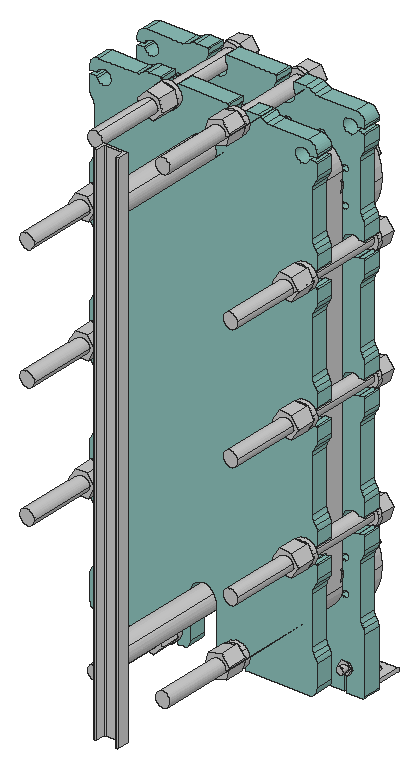
Revit family "MIT 522 - Heat Exchanger", category Specialty Equipment, Revit 2022 (continued)
Forms (mm)
  Extrusion 29, solid, material "AISI 316L/Titanium/Hastelloy", detail levels coarse
    sketch origin (0, -35, 0) x (-1, 0, 0) y (0, 0, 1)
      loop
        line (25.15, 158.35) -> (25.15, 148.5) -> (24.15, 146.5) -> (24.15, 142.5) -> (26.15, 140.5) -> (187.5, 140.5) -> (187.5, 1007.5) -> (26.15, 1007.5) -> (24.15, 1005.5) -> (24.15, 1001.5) -> (25.15, 999.5) -> (25.15, 989.65)
        arc (25.15, 989.65) -> (20.029, 974.439) -> (6.75, 965.423) r 25.15
        line (6.75, 965.423) -> (6.75, 957.5) -> (-6.75, 957.5) -> (-6.75, 965.423)
        arc (-6.75, 965.423) -> (-20.029, 974.439) -> (-25.15, 989.65) r 25.15
        line (-25.15, 989.65) -> (-25.15, 999.5) -> (-24.15, 1001.5) -> (-24.15, 1005.5) -> (-26.15, 1007.5)
    from 0 to -88
  Extrusion 30, solid, material "Galvanized Steel- S235JR", detail levels coarse
    sketch origin (0, 0, 0) x (1, 0, 0) y (0, 0, 1)
      loop
        circle (-111.75, 933) r 110
      loop
        circle (-111.75, 215) r 110
      loop
        circle (111.75, 215) r 110
      loop
        circle (111.75, 933) r 110
    from 0 to -25.5
  Revolve 31, solid, material "EPDM", detail levels fine
    sketch origin (0, 0, 933) x (1, 0, 0) y (0, 1, 0)
      loop
        line (188.75, 0) -> (188.75, 3) -> (158.75, 3) -> (158.75, -38) -> (188.75, -38) -> (188.75, -35) -> (161.75, -35) -> (161.75, 0) -> (188.75, 0)
      axis (111.75, -38) -> (111.75, 3)
    angle from 0 to 360
  Revolve 32, solid, material "EPDM", detail levels fine
    sketch origin (0, 0, 933) x (-1, 0, 0) y (0, -1, 0)
      loop
        line (188.75, 0) -> (161.75, 0) -> (161.75, 35) -> (188.75, 35) -> (188.75, 38) -> (158.75, 38) -> (158.75, -3) -> (188.75, -3) -> (188.75, 0)
      axis (111.75, 38) -> (111.75, -3)
    angle from 0 to 360
  Revolve 33, solid, material "EPDM", detail levels fine
    sketch origin (0, 0, 215) x (1, 0, 0) y (0, 1, 0)
      loop
        line (188.75, 0) -> (188.75, 3) -> (158.75, 3) -> (158.75, -38) -> (188.75, -38) -> (188.75, -35) -> (161.75, -35) -> (161.75, 0) -> (188.75, 0)
      axis (111.75, -38) -> (111.75, 3)
    angle from 0 to 360
  Revolve 34, solid, material "EPDM", detail levels fine
    sketch origin (0, 0, 215) x (-1, 0, 0) y (0, -1, 0)
      loop
        line (188.75, 0) -> (161.75, 0) -> (161.75, 35) -> (188.75, 35) -> (188.75, 38) -> (158.75, 38) -> (158.75, -3) -> (188.75, -3) -> (188.75, 0)
      axis (111.75, 38) -> (111.75, -3)
    angle from 0 to 360
Cuts and joins
  Extrusion 15 cuts Extrusion 14
Dimensions and locks
  "Lk": plane 7 "1" to plane 6 "2"
  "Head & Follower Plate": plane 1 "Center (Front/Back)" to plane 7 "1"
  "Lc": plane 7 "1" to plane 8 "3"
  "Lc": plane 10 to plane 1 "Center (Front/Back)"
  locked: Revolve 31 sketch curve to plane 7 "1" at 3
  locked: Revolve 31 sketch curve to plane 1 "Center (Front/Back)" at 3
  locked: Revolve 31 sketch curve to Revolve 31 sketch curve at 3
  locked: Revolve 32 sketch curve to Revolve 32 sketch curve at 3
  locked: Revolve 33 sketch curve to Revolve 33 sketch curve at 3
  locked: Revolve 34 sketch curve to Revolve 34 sketch curve at 3
  aligned and locked: level to plane 2
  aligned and locked: Extrusion 1 to plane 7 "1"
  aligned and locked: Extrusion 1 to plane 1 "Center (Front/Back)"
  aligned and locked: Extrusion 3 to plane 6 "2"
  aligned and locked: plane 7 "1" to Extrusion 3
  aligned and locked: Extrusion 5 to plane 10
  aligned and locked: Extrusion 5 to plane 1 "Center (Front/Back)"
  aligned and locked: Extrusion 4 to plane 8 "3"
  aligned and locked: Extrusion 4 to Extrusion 1
  aligned and locked: Extrusion 13 sketch curve to plane 8 "3"
  aligned and locked: Extrusion 20 sketch curve to Extrusion 13  (x4)
  aligned and locked: Extrusion 29 to Extrusion 28
  aligned and locked: Extrusion 25 to Extrusion 28
  aligned and locked: Extrusion 27 to Extrusion 1
  aligned and locked: Extrusion 23 to Extrusion 1
  aligned and locked: plane 6 "2" to Extrusion 28
  aligned and locked: Extrusion 27 to Revolve 31 sketch curve  (x2)
Automatic sketch dimensions
  Extrusion 1 sketch curve to level = 0.00 mm  (x4)
  Extrusion 1 sketch curve to plane 3 "Center (Left/Right)" = 0.00 mm  (x2)
  Extrusion 1 sketch curve to plane 3 "Center (Left/Right)" = 28.601 mm  (x4)
  Extrusion 1 sketch curve to plane 3 "Center (Left/Right)" = 50.98 mm
  Extrusion 1 sketch curve to Extrusion 1 sketch curve = 0.00 mm  (x35)
  Extrusion 1 sketch curve to plane 3 "Center (Left/Right)" = 51.75 mm
  Extrusion 1 sketch curve to Extrusion 1 sketch curve = 2.00 mm  (x37)
  Extrusion 1 sketch curve to Extrusion 1 sketch curve = 17.02 mm  (x4)
  Extrusion 1 sketch curve to Extrusion 1 sketch curve = 16.25 mm  (x16)
  Extrusion 1 sketch curve to Extrusion 1 sketch curve = 48.708 mm  (x13)
  Extrusion 1 sketch curve to Extrusion 1 sketch curve = 7.308 mm  (x4)
  Extrusion 1 sketch curve to Extrusion 1 sketch curve = 23.121 mm  (x2)
  Extrusion 1 sketch curve to Extrusion 1 sketch curve = 30.966 mm  (x2)
  Extrusion 1 sketch curve to Extrusion 1 sketch curve = 10.00 mm  (x18)
  Extrusion 1 sketch curve to Extrusion 1 sketch curve = 8.038 mm  (x12)
  level to Extrusion 1 sketch curve = 49.142 mm  (x2)
  Extrusion 1 sketch curve to Extrusion 1 sketch curve = 14.142 mm  (x6)
  Extrusion 1 sketch curve to Extrusion 1 sketch curve = 15.784 mm  (x2)
  Extrusion 1 sketch curve to Extrusion 1 sketch curve = 68.883 mm  (x7)
  Extrusion 1 sketch curve to Extrusion 1 sketch curve = 34.05 mm  (x2)
  level to Extrusion 1 sketch curve = 33.358 mm  (x2)
  Extrusion 1 sketch curve to Extrusion 1 sketch curve = 5.858 mm
  Extrusion 1 sketch curve to Extrusion 1 sketch curve = 5.00 mm  (x10)
  Extrusion 1 sketch curve to Extrusion 1 sketch curve = 37.00 mm
  Extrusion 1 sketch curve to plane 11 "12" = 34.442 mm  (x3)
  Extrusion 1 sketch curve to Extrusion 1 sketch curve = 3.00 mm  (x2)
  Extrusion 1 sketch curve to Extrusion 1 sketch curve = 6.00 mm  (x2)
  Extrusion 1 sketch curve to Extrusion 1 sketch curve = 58.808 mm  (x2)
  Extrusion 1 sketch curve to Extrusion 1 sketch curve = 63.808 mm  (x4)
  Extrusion 1 sketch curve to plane 3 "Center (Left/Right)" = 210.00 mm
  Extrusion 1 sketch curve to Extrusion 1 sketch curve = 20.101 mm  (x6)
  Extrusion 1 sketch curve to Extrusion 1 sketch curve = 5.906 mm  (x2)
  Extrusion 1 sketch curve to Extrusion 1 sketch curve = 13.998 mm  (x14)
  level to Extrusion 1 sketch curve = 136.859 mm  (x2)
  Extrusion 1 sketch curve to Extrusion 1 sketch curve = 2.679 mm  (x26)
  plane 11 "12" to Extrusion 1 sketch curve = 68.141 mm  (x2)
  Extrusion 1 sketch curve to plane 11 "12" = 41.141 mm  (x2)
  Extrusion 1 sketch curve to plane 11 "12" = 166.859 mm  (x2)
  Extrusion 1 sketch curve to Extrusion 1 sketch curve = 32.00 mm  (x3)
  Extrusion 1 sketch curve to Extrusion 1 sketch curve = 4.641 mm  (x18)
  Extrusion 1 sketch curve to plane 11 "12" = 49.179 mm  (x2)
  plane 11 "12" to Extrusion 1 sketch curve = 76.179 mm  (x2)
  Extrusion 1 sketch curve to Extrusion 1 sketch curve = 9.002 mm  (x16)
  Extrusion 1 sketch curve to Extrusion 1 sketch curve = 12.094 mm  (x2)
  Extrusion 1 sketch curve to Extrusion 1 sketch curve = 17.321 mm  (x7)
  Extrusion 1 sketch curve to Extrusion 1 sketch curve = 20.00 mm  (x10)
  plane 3 "Center (Left/Right)" to Extrusion 1 sketch curve = 28.601 mm  (x4)
  plane 3 "Center (Left/Right)" to Extrusion 1 sketch curve = 50.98 mm
  plane 3 "Center (Left/Right)" to Extrusion 1 sketch curve = 51.75 mm
  level to Extrusion 1 sketch curve = 5.00 mm  (x2)
  plane 11 "12" to Extrusion 1 sketch curve = 34.442 mm  (x4)
  plane 3 "Center (Left/Right)" to Extrusion 1 sketch curve = 210.00 mm
  Extrusion 1 sketch curve to Extrusion 1 sketch curve = 15.906 mm
  level to Extrusion 1 sketch curve = 128.821 mm
  level to Extrusion 1 sketch curve = 34.417 mm
  Extrusion 1 sketch curve to Extrusion 1 sketch curve = 34.417 mm
  Extrusion 1 sketch curve to Extrusion 1 sketch curve = 10.583 mm  (x2)
  Extrusion 1 sketch curve to Extrusion 1 sketch curve = 18.038 mm
  Extrusion 1 sketch curve to Extrusion 1 sketch curve = 13.03 mm  (x2)
  Extrusion 1 sketch curve to Extrusion 1 sketch curve = 51.851 mm  (x2)
  Extrusion 1 sketch curve to Extrusion 1 sketch curve = 24.149 mm
  Extrusion 1 sketch curve to Extrusion 1 sketch curve = 33.70 mm  (x2)
  Extrusion 1 sketch curve to Extrusion 1 sketch curve = 24.558 mm  (x3)
  Extrusion 1 sketch curve to Extrusion 1 sketch curve = 65.583 mm  (x2)
  Extrusion 1 sketch curve to Extrusion 1 sketch curve = 3.30 mm  (x3)
  Extrusion 1 sketch curve to Extrusion 1 sketch curve = 26.571 mm  (x10)
  Extrusion 1 sketch curve to Extrusion 1 sketch curve = 109.282 mm  (x2)
  Extrusion 1 sketch curve to Extrusion 1 sketch curve = 20.851 mm
  Extrusion 1 sketch curve to plane 11 "12" = 83.149 mm
  Extrusion 1 sketch curve to Extrusion 1 sketch curve = 23.821 mm  (x2)
  Extrusion 1 sketch curve to Extrusion 1 sketch curve = 4.00 mm  (x2)
  Extrusion 1 sketch curve to Extrusion 1 sketch curve = 8.00 mm  (x2)
  Extrusion 1 sketch curve to Extrusion 1 sketch curve = 5.706 mm
  Extrusion 1 sketch curve to Extrusion 1 sketch curve = 49.851 mm  (x2)
  Extrusion 1 sketch curve to Extrusion 1 sketch curve = 12.933 mm  (x4)
  Extrusion 1 sketch curve to Extrusion 1 sketch curve = 9.067 mm
  Extrusion 1 sketch curve to Extrusion 1 sketch curve = 6.25 mm
  Extrusion 1 sketch curve to plane 3 "Center (Left/Right)" = 6.25 mm
  Extrusion 1 sketch curve to Extrusion 1 sketch curve = 7.00 mm  (x32)
  Extrusion 2 sketch curve to Extrusion 2 sketch curve = 0.00 mm  (x25)
  Extrusion 2 sketch curve to plane 3 "Center (Left/Right)" = 0.00 mm  (x2)
  plane 3 "Center (Left/Right)" to Extrusion 2 sketch curve = 26.50 mm
  Extrusion 2 sketch curve to Extrusion 2 sketch curve = 15.00 mm  (x2)
  plane 3 "Center (Left/Right)" to Extrusion 2 sketch curve = 50.98 mm
  Extrusion 2 sketch curve to Extrusion 2 sketch curve = 10.25 mm  (x2)
  Extrusion 2 sketch curve to Extrusion 2 sketch curve = 2.00 mm  (x39)
  Extrusion 2 sketch curve to Extrusion 2 sketch curve = 16.25 mm  (x14)
  Extrusion 2 sketch curve to Extrusion 2 sketch curve = 17.02 mm  (x4)
  Extrusion 2 sketch curve to Extrusion 2 sketch curve = 23.121 mm  (x2)
  Extrusion 2 sketch curve to Extrusion 2 sketch curve = 10.00 mm  (x20)
  Extrusion 2 sketch curve to Extrusion 2 sketch curve = 8.038 mm  (x14)
  Extrusion 2 sketch curve to Extrusion 2 sketch curve = 64.821 mm  (x2)
  Extrusion 2 sketch curve to plane 11 "12" = 104.00 mm  (x2)
  plane 3 "Center (Left/Right)" to Extrusion 2 sketch curve = 210.00 mm  (x3)
  Extrusion 2 sketch curve to Extrusion 2 sketch curve = 126.75 mm  (x2)
  Extrusion 2 sketch curve to Extrusion 2 sketch curve = 5.00 mm  (x13)
  Extrusion 2 sketch curve to Extrusion 2 sketch curve = 5.906 mm
  Extrusion 2 sketch curve to Extrusion 2 sketch curve = 13.998 mm  (x12)
  Extrusion 2 sketch curve to Extrusion 2 sketch curve = 2.679 mm  (x23)
  Extrusion 2 sketch curve to plane 11 "12" = 166.859 mm  (x2)
  level to Extrusion 2 sketch curve = 136.859 mm  (x2)
  plane 11 "12" to Extrusion 2 sketch curve = 68.141 mm  (x2)
  Extrusion 2 sketch curve to plane 11 "12" = 41.141 mm  (x2)
  Extrusion 2 sketch curve to plane 11 "12" = 49.179 mm  (x2)
  Extrusion 2 sketch curve to Extrusion 2 sketch curve = 4.641 mm  (x18)
  plane 11 "12" to Extrusion 2 sketch curve = 76.179 mm  (x2)
  Extrusion 2 sketch curve to Extrusion 2 sketch curve = 12.094 mm  (x2)
  Extrusion 2 sketch curve to Extrusion 2 sketch curve = 9.002 mm  (x16)
  Extrusion 2 sketch curve to Extrusion 2 sketch curve = 17.321 mm  (x7)
  Extrusion 2 sketch curve to Extrusion 2 sketch curve = 20.00 mm  (x10)
  Extrusion 2 sketch curve to plane 3 "Center (Left/Right)" = 50.98 mm
  Extrusion 2 sketch curve to plane 3 "Center (Left/Right)" = 210.00 mm  (x3)
  Extrusion 2 sketch curve to Extrusion 2 sketch curve = 15.906 mm
  level to Extrusion 2 sketch curve = 80.00 mm  (x2)
  Extrusion 2 sketch curve to Extrusion 2 sketch curve = 43.821 mm  (x2)
  Extrusion 2 sketch curve to Extrusion 2 sketch curve = 91.00 mm
  Extrusion 2 sketch curve to Extrusion 2 sketch curve = 99.282 mm  (x2)
  Extrusion 2 sketch curve to Extrusion 2 sketch curve = 26.571 mm  (x9)
  Extrusion 2 sketch curve to Extrusion 2 sketch curve = 109.282 mm  (x2)
  Extrusion 2 sketch curve to Extrusion 2 sketch curve = 18.25 mm
  plane 11 "12" to Extrusion 2 sketch curve = 59.00 mm
  Extrusion 2 sketch curve to Extrusion 2 sketch curve = 23.821 mm  (x2)
  Extrusion 2 sketch curve to Extrusion 2 sketch curve = 4.00 mm  (x2)
  Extrusion 2 sketch curve to Extrusion 2 sketch curve = 8.00 mm  (x2)
  Extrusion 2 sketch curve to Extrusion 2 sketch curve = 5.706 mm
  Extrusion 2 sketch curve to Extrusion 2 sketch curve = 14.00 mm  (x2)
  Extrusion 2 sketch curve to Extrusion 2 sketch curve = 12.933 mm  (x4)
  Extrusion 2 sketch curve to Extrusion 2 sketch curve = 9.067 mm
  plane 3 "Center (Left/Right)" to Extrusion 2 sketch curve = 19.252 mm
  Extrusion 2 sketch curve to plane 3 "Center (Left/Right)" = 19.252 mm
  Extrusion 2 sketch curve to Extrusion 2 sketch curve = 15.949 mm
  Extrusion 3 sketch curve to Extrusion 3 sketch curve = 0.00 mm  (x5)
  Extrusion 3 sketch curve to plane 3 "Center (Left/Right)" = 0.00 mm  (x2)
  plane 3 "Center (Left/Right)" to Extrusion 3 sketch curve = 6.75 mm  (x2)
  plane 3 "Center (Left/Right)" to Extrusion 3 sketch curve = 24.15 mm  (x2)
  Extrusion 3 sketch curve to Extrusion 3 sketch curve = 1.00 mm  (x4)
  Extrusion 3 sketch curve to Extrusion 3 sketch curve = 2.00 mm  (x12)
  plane 11 "12" to Extrusion 3 sketch curve = 24.50 mm  (x3)
  Extrusion 3 sketch curve to Extrusion 3 sketch curve = 112.35 mm  (x3)
  Extrusion 3 sketch curve to Extrusion 3 sketch curve = 50.00 mm  (x3)
  Extrusion 3 sketch curve to plane 3 "Center (Left/Right)" = 6.75 mm  (x2)
  Extrusion 3 sketch curve to plane 3 "Center (Left/Right)" = 24.15 mm  (x2)
  Extrusion 3 sketch curve to Extrusion 3 sketch curve = 111.35 mm
  level to Extrusion 3 sketch curve = 190.50 mm
  Extrusion 3 sketch curve to Extrusion 3 sketch curve = 7.923 mm  (x2)
  Extrusion 3 sketch curve to Extrusion 3 sketch curve = 8.00 mm  (x4)
  Extrusion 4 sketch curve to Extrusion 4 sketch curve = 0.00 mm  (x4)
  Extrusion 4 sketch curve to plane 3 "Center (Left/Right)" = 0.00 mm  (x2)
  level to Extrusion 4 sketch curve = 156.00 mm
  plane 11 "12" to Extrusion 4 sketch curve = 59.00 mm
  Extrusion 4 sketch curve to plane 3 "Center (Left/Right)" = 19.252 mm  (x2)
  plane 3 "Center (Left/Right)" to Extrusion 4 sketch curve = 19.252 mm  (x2)
  Extrusion 4 sketch curve to Extrusion 4 sketch curve = 15.949 mm  (x2)
  Extrusion 5 sketch curve to Extrusion 5 sketch curve = 0.00 mm  (x20)
  Extrusion 5 sketch curve to plane 11 "12" = 104.00 mm  (x2)
  Extrusion 5 sketch curve to plane 3 "Center (Left/Right)" = 210.00 mm  (x3)
  Extrusion 5 sketch curve to plane 3 "Center (Left/Right)" = 70.00 mm  (x2)
  plane 3 "Center (Left/Right)" to Extrusion 5 sketch curve = 70.00 mm  (x2)
  plane 3 "Center (Left/Right)" to Extrusion 5 sketch curve = 210.00 mm  (x3)
  Extrusion 5 sketch curve to Extrusion 5 sketch curve = 255.00 mm  (x4)
  level to Extrusion 5 sketch curve = 80.00 mm  (x2)
  plane 11 "12" to Extrusion 5 sketch curve = 133.00 mm  (x2)
  Extrusion 5 sketch curve to Extrusion 5 sketch curve = 14.77 mm  (x12)
  Extrusion 5 sketch curve to Extrusion 5 sketch curve = 6.518 mm  (x8)
  Extrusion 5 sketch curve to Extrusion 5 sketch curve = 2.618 mm  (x6)
  Extrusion 5 sketch curve to Extrusion 5 sketch curve = 13.51 mm  (x4)
  level to Extrusion 6 sketch curve = 45.00 mm  (x4)
  Extrusion 6 sketch curve to plane 3 "Center (Left/Right)" = 208.856 mm
  Extrusion 6 sketch curve to Extrusion 6 sketch curve = 6.928 mm  (x6)
  level to Extrusion 6 sketch curve = 57.00 mm  (x2)
  Extrusion 6 sketch curve to Extrusion 6 sketch curve = 13.856 mm  (x4)
  plane 3 "Center (Left/Right)" to Extrusion 6 sketch curve = 181.144 mm
  level to Extrusion 6 sketch curve = 33.00 mm
  Extrusion 6 sketch curve to Extrusion 6 sketch curve = 12.00 mm
  Extrusion 7 sketch curve to Extrusion 7 sketch curve = 0.00 mm  (x4)
  level to Extrusion 7 sketch curve = 45.00 mm  (x2)
  Extrusion 7 sketch curve to plane 3 "Center (Left/Right)" = 195.00 mm
  plane 3 "Center (Left/Right)" to Extrusion 7 sketch curve = 195.00 mm
  Extrusion 7 sketch curve to Extrusion 7 sketch curve = 0.115 mm  (x4)
  Extrusion 7 sketch curve to Extrusion 7 sketch curve = 15.00 mm  (x2)
  Extrusion 8 sketch curve to Extrusion 8 sketch curve = 0.00 mm  (x4)
  level to Extrusion 8 sketch curve = 45.00 mm  (x2)
  Extrusion 8 sketch curve to plane 3 "Center (Left/Right)" = 195.004 mm
  plane 3 "Center (Left/Right)" to Extrusion 8 sketch curve = 195.004 mm
  Extrusion 8 sketch curve to Extrusion 8 sketch curve = 5.851 mm  (x4)
  Extrusion 8 sketch curve to Extrusion 8 sketch curve = 3.843 mm  (x2)
  level to Extrusion 9 sketch curve = 45.00 mm  (x4)
  Extrusion 9 sketch curve to plane 3 "Center (Left/Right)" = 208.856 mm
  level to Extrusion 9 sketch curve = 33.00 mm  (x2)
  Extrusion 9 sketch curve to Extrusion 9 sketch curve = 6.928 mm  (x6)
  level to Extrusion 9 sketch curve = 57.00 mm  (x2)
  Extrusion 9 sketch curve to Extrusion 9 sketch curve = 13.856 mm  (x4)
  plane 3 "Center (Left/Right)" to Extrusion 9 sketch curve = 181.144 mm
  Extrusion 10 sketch curve to Extrusion 10 sketch curve = 0.00 mm  (x79)
  Extrusion 10 sketch curve to plane 11 "12" = 34.442 mm  (x4)
  Extrusion 10 sketch curve to plane 3 "Center (Left/Right)" = 194.899 mm  (x2)
  Extrusion 10 sketch curve to Extrusion 10 sketch curve = 48.708 mm  (x19)
  Extrusion 10 sketch curve to Extrusion 10 sketch curve = 68.883 mm  (x11)
  Extrusion 10 sketch curve to plane 3 "Center (Left/Right)" = 28.601 mm  (x4)
  plane 3 "Center (Left/Right)" to Extrusion 10 sketch curve = 28.601 mm  (x4)
  plane 11 "12" to Extrusion 10 sketch curve = 34.442 mm  (x4)
  level to Extrusion 10 sketch curve = 298.149 mm
  Extrusion 10 sketch curve to Extrusion 10 sketch curve = 8.542 mm  (x24)
  Extrusion 10 sketch curve to Extrusion 10 sketch curve = 14.759 mm  (x20)
  Extrusion 10 sketch curve to Extrusion 10 sketch curve = 12.33 mm  (x24)
  Extrusion 10 sketch curve to Extrusion 10 sketch curve = 2.679 mm  (x24)
  Extrusion 10 sketch curve to plane 3 "Center (Left/Right)" = 13.842 mm  (x2)
  plane 3 "Center (Left/Right)" to Extrusion 10 sketch curve = 13.842 mm  (x2)
  Extrusion 11 sketch curve to plane 3 "Center (Left/Right)" = 209.284 mm  (x2)
  plane 11 "12" to Extrusion 11 sketch curve = 33.255 mm  (x2)
  Extrusion 11 sketch curve to Extrusion 11 sketch curve = 0.183 mm  (x2)
  Extrusion 11 sketch curve to plane 11 "12" = 31.864 mm  (x2)
  Extrusion 11 sketch curve to plane 11 "12" = 45.452 mm  (x2)
  Extrusion 11 sketch curve to Extrusion 11 sketch curve = 4.869 mm  (x24)
  Extrusion 11 sketch curve to Extrusion 11 sketch curve = 6.165 mm  (x19)
  plane 11 "12" to Extrusion 11 sketch curve = 46.306 mm  (x2)
  plane 11 "12" to Extrusion 11 sketch curve = 21.391 mm  (x4)
  Extrusion 11 sketch curve to Extrusion 11 sketch curve = 8.22 mm  (x23)
  Extrusion 11 sketch curve to plane 11 "12" = 20.854 mm  (x2)
  Extrusion 11 sketch curve to Extrusion 11 sketch curve = 9.333 mm  (x20)
  Extrusion 11 sketch curve to plane 11 "12" = 48.029 mm  (x2)
  Extrusion 11 sketch curve to Extrusion 11 sketch curve = 14.202 mm  (x32)
  Extrusion 11 sketch curve to Extrusion 11 sketch curve = 14.385 mm  (x30)
  plane 11 "12" to Extrusion 11 sketch curve = 47.492 mm  (x2)
  plane 11 "12" to Extrusion 11 sketch curve = 22.577 mm  (x2)
  Extrusion 11 sketch curve to plane 11 "12" = 23.431 mm  (x2)
  Extrusion 11 sketch curve to plane 11 "12" = 37.019 mm  (x2)
  plane 11 "12" to Extrusion 11 sketch curve = 35.628 mm  (x2)
  Extrusion 11 sketch curve to Extrusion 11 sketch curve = 28.954 mm  (x6)
  plane 11 "12" to Extrusion 11 sketch curve = 78.28 mm  (x2)
  Extrusion 11 sketch curve to Extrusion 11 sketch curve = 30.788 mm  (x8)
  Extrusion 11 sketch curve to plane 11 "12" = 76.984 mm  (x3)
  Extrusion 11 sketch curve to Extrusion 11 sketch curve = 1.186 mm  (x14)
  Extrusion 11 sketch curve to Extrusion 11 sketch curve = 2.577 mm  (x22)
  plane 11 "12" to Extrusion 11 sketch curve = 68.947 mm  (x2)
  Extrusion 11 sketch curve to Extrusion 11 sketch curve = 11.01 mm  (x20)
  Extrusion 11 sketch curve to plane 11 "12" = 68.764 mm  (x2)
  Extrusion 11 sketch curve to Extrusion 11 sketch curve = 11.865 mm  (x28)
  Extrusion 11 sketch curve to Extrusion 11 sketch curve = 13.051 mm  (x28)
  Extrusion 11 sketch curve to Extrusion 11 sketch curve = 13.588 mm  (x28)
  Extrusion 11 sketch curve to Extrusion 11 sketch curve = 41.707 mm  (x4)
  Extrusion 11 sketch curve to Extrusion 11 sketch curve = 42.782 mm  (x4)
  Extrusion 11 sketch curve to plane 3 "Center (Left/Right)" = 42.986 mm  (x2)
  Extrusion 11 sketch curve to plane 3 "Center (Left/Right)" = 42.803 mm  (x2)
  Extrusion 11 sketch curve to plane 3 "Center (Left/Right)" = 14.399 mm  (x2)
  Extrusion 11 sketch curve to plane 3 "Center (Left/Right)" = 14.216 mm  (x2)
  plane 3 "Center (Left/Right)" to Extrusion 11 sketch curve = 14.216 mm  (x2)
  plane 3 "Center (Left/Right)" to Extrusion 11 sketch curve = 14.399 mm  (x2)
  Extrusion 11 sketch curve to Extrusion 11 sketch curve = 31.745 mm  (x6)
  Extrusion 11 sketch curve to Extrusion 11 sketch curve = 21.455 mm  (x4)
  Extrusion 11 sketch curve to Extrusion 11 sketch curve = 12.331 mm
  Extrusion 11 sketch curve to Extrusion 11 sketch curve = 20.55 mm  (x3)
  Extrusion 11 sketch curve to Extrusion 11 sketch curve = 2.054 mm
  level to Extrusion 11 sketch curve = 312.351 mm
  Extrusion 11 sketch curve to Extrusion 11 sketch curve = 0.00 mm  (x3)
  Extrusion 11 sketch curve to Extrusion 11 sketch curve = 42.244 mm  (x4)
  Extrusion 12 sketch curve to Extrusion 12 sketch curve = 0.00 mm  (x4)
  Extrusion 12 sketch curve to plane 3 "Center (Left/Right)" = 0.00 mm  (x2)
  level to Extrusion 12 sketch curve = 156.015 mm
  plane 11 "12" to Extrusion 12 sketch curve = 58.984 mm
  Extrusion 12 sketch curve to plane 3 "Center (Left/Right)" = 9.00 mm  (x2)
  Extrusion 13 sketch curve to plane 3 "Center (Left/Right)" = 25.00 mm
  Extrusion 13 sketch curve to Extrusion 13 sketch curve = 2.00 mm
  Extrusion 13 sketch curve to Extrusion 13 sketch curve = 0.974 mm  (x2)
  Extrusion 13 sketch curve to Extrusion 13 sketch curve = 1.481 mm  (x2)
  Extrusion 13 sketch curve to plane 8 "3" = 6.676 mm  (x2)
  Extrusion 13 sketch curve to Extrusion 13 sketch curve = 7.228 mm  (x2)
  Extrusion 13 sketch curve to Extrusion 13 sketch curve = 2.692 mm  (x2)
  Extrusion 13 sketch curve to plane 8 "3" = 8.00 mm
  plane 3 "Center (Left/Right)" to Extrusion 13 sketch curve = 15.08 mm
  Extrusion 13 sketch curve to Extrusion 13 sketch curve = 5.465 mm
  Extrusion 13 sketch curve to Extrusion 13 sketch curve = 16.324 mm
  Extrusion 13 sketch curve to Extrusion 13 sketch curve = 15.00 mm
  Extrusion 13 sketch curve to Extrusion 13 sketch curve = 0.50 mm  (x2)
  Extrusion 14 sketch curve to level = 0.00 mm
  Extrusion 14 sketch curve to plane 1 "Center (Front/Back)" = 0.00 mm
  level to Extrusion 14 sketch curve = 1.00 mm
  Extrusion 14 sketch curve to Extrusion 14 sketch curve = 2.00 mm
  Extrusion 14 sketch curve to Extrusion 14 sketch curve = 3.50 mm
  level to Extrusion 14 sketch curve = 7.50 mm
  Extrusion 14 sketch curve to Extrusion 14 sketch curve = 5.00 mm
  Extrusion 14 sketch curve to plane 1 "Center (Front/Back)" = 4.50 mm
  Extrusion 14 sketch curve to Extrusion 14 sketch curve = 54.50 mm
  Extrusion 14 sketch curve to Extrusion 14 sketch curve = 3.00 mm
  plane 9 "Bolt End" to Extrusion 14 sketch curve = 49.30 mm
  Extrusion 15 sketch curve to Extrusion 15 sketch curve = 0.00 mm  (x4)
  plane 1 "Center (Front/Back)" to Extrusion 15 sketch curve = 0.00 mm
  plane 9 "Bolt End" to Extrusion 15 sketch curve = 26.30 mm  (x2)
  Extrusion 15 sketch curve to Extrusion 15 sketch curve = 25.00 mm  (x3)
  Extrusion 15 sketch curve to plane 3 "Center (Left/Right)" = 195.00 mm
  plane 3 "Center (Left/Right)" to Extrusion 15 sketch curve = 170.00 mm
  Extrusion 15 sketch curve to Extrusion 15 sketch curve = 9.00 mm  (x2)
  Extrusion 16 sketch curve to Extrusion 16 sketch curve = 0.00 mm  (x20)
  Extrusion 16 sketch curve to plane 3 "Center (Left/Right)" = 210.00 mm  (x3)
  Extrusion 16 sketch curve to plane 11 "12" = 104.00 mm  (x2)
  Extrusion 16 sketch curve to plane 3 "Center (Left/Right)" = 70.00 mm  (x2)
  plane 3 "Center (Left/Right)" to Extrusion 16 sketch curve = 70.00 mm  (x2)
  plane 3 "Center (Left/Right)" to Extrusion 16 sketch curve = 210.00 mm  (x3)
  Extrusion 16 sketch curve to Extrusion 16 sketch curve = 255.00 mm  (x4)
  level to Extrusion 16 sketch curve = 80.00 mm  (x2)
  plane 11 "12" to Extrusion 16 sketch curve = 133.00 mm  (x2)
  Extrusion 16 sketch curve to Extrusion 16 sketch curve = 25.00 mm  (x6)
  Extrusion 16 sketch curve to Extrusion 16 sketch curve = 23.706 mm  (x8)
  Extrusion 16 sketch curve to Extrusion 16 sketch curve = 7.938 mm  (x4)
  Extrusion 2 to Extrusion 17 sketch curve = 1.554 mm  (x6)
  Extrusion 17 sketch curve to Extrusion 2 = 1.342 mm  (x6)
  Extrusion 17 sketch curve to Extrusion 2 = 2.104 mm  (x6)
  Extrusion 17 sketch curve to Extrusion 2 = 6.967 mm  (x12)
  Extrusion 17 sketch curve to Extrusion 17 sketch curve = 26.554 mm  (x6)
  Extrusion 17 sketch curve to Extrusion 2 = 6.527 mm  (x12)
  Extrusion 2 to Extrusion 17 sketch curve = 15.81 mm  (x12)
  Extrusion 17 sketch curve to Extrusion 17 sketch curve = 12.896 mm  (x5)
  Extrusion 17 sketch curve to Extrusion 17 sketch curve = 13.658 mm  (x4)
  Extrusion 17 sketch curve to Extrusion 2 = 8.76 mm  (x8)
  Extrusion 17 sketch curve to Extrusion 2 = 1.397 mm  (x8)
  Extrusion 2 to Extrusion 17 sketch curve = 8.886 mm  (x8)
  Extrusion 2 to Extrusion 17 sketch curve = 1.517 mm  (x2)
  Extrusion 2 to Extrusion 17 sketch curve = 0.517 mm  (x2)
  Extrusion 17 sketch curve to Extrusion 2 = 41.554 mm  (x3)
  Extrusion 17 sketch curve to Extrusion 2 = 5.865 mm  (x2)
  Extrusion 17 sketch curve to Extrusion 2 = 18.619 mm  (x2)
  Extrusion 17 sketch curve to Extrusion 17 sketch curve = 25.517 mm  (x4)
  Extrusion 17 sketch curve to Extrusion 17 sketch curve = 6.381 mm  (x2)
  Extrusion 17 sketch curve to Extrusion 2 = 4.517 mm  (x2)
  Extrusion 2 to Extrusion 17 sketch curve = 1.865 mm  (x2)
  Extrusion 17 sketch curve to Extrusion 2 = 6.619 mm  (x2)
  Extrusion 17 sketch curve to Extrusion 2 = 7.619 mm  (x2)
  Extrusion 17 sketch curve to Extrusion 2 = 4.865 mm  (x2)
  Extrusion 18 sketch curve to Extrusion 18 sketch curve = 0.00 mm  (x10)
  Extrusion 18 sketch curve to Extrusion 2 = 0.826 mm  (x6)
  Extrusion 2 to Extrusion 18 sketch curve = 9.877 mm  (x6)
  Extrusion 18 sketch curve to Extrusion 2 = 1.47 mm  (x8)
  Extrusion 19 sketch curve to plane 3 "Center (Left/Right)" = 235.866 mm  (x3)
  Extrusion 19 sketch curve to plane 11 "12" = 99.416 mm  (x2)
  Extrusion 19 sketch curve to Extrusion 19 sketch curve = 8.963 mm  (x8)
  Extrusion 19 sketch curve to plane 11 "12" = 79.307 mm  (x2)
  Extrusion 19 sketch curve to Extrusion 19 sketch curve = 16.903 mm  (x10)
  Extrusion 19 sketch curve to Extrusion 19 sketch curve = 25.866 mm  (x12)
  Extrusion 19 sketch curve to plane 11 "12" = 83.891 mm  (x2)
  Extrusion 19 sketch curve to plane 3 "Center (Left/Right)" = 96.197 mm  (x2)
  Extrusion 19 sketch curve to Extrusion 19 sketch curve = 11.415 mm  (x6)
  Extrusion 19 sketch curve to Extrusion 19 sketch curve = 14.783 mm  (x6)
  Extrusion 19 sketch curve to Extrusion 19 sketch curve = 26.197 mm  (x8)
  plane 3 "Center (Left/Right)" to Extrusion 19 sketch curve = 43.803 mm  (x2)
  plane 3 "Center (Left/Right)" to Extrusion 19 sketch curve = 184.134 mm  (x3)
  Extrusion 19 sketch curve to Extrusion 19 sketch curve = 24.693 mm  (x12)
  Extrusion 19 sketch curve to Extrusion 19 sketch curve = 4.584 mm  (x6)
  Extrusion 19 sketch curve to Extrusion 19 sketch curve = 205.614 mm  (x4)
  Extrusion 19 sketch curve to Extrusion 19 sketch curve = 20.109 mm  (x8)
  level to Extrusion 19 sketch curve = 103.66 mm  (x2)
  Extrusion 19 sketch curve to Extrusion 19 sketch curve = 1.944 mm  (x6)
  Extrusion 19 sketch curve to Extrusion 19 sketch curve = 21.715 mm  (x6)
  Extrusion 19 sketch curve to Extrusion 19 sketch curve = 23.66 mm  (x8)
  plane 11 "12" to Extrusion 19 sketch curve = 109.34 mm  (x2)
  Extrusion 21 sketch curve to Extrusion 21 sketch curve = 0.00 mm  (x124)
  Extrusion 21 sketch curve to plane 11 "12" = 0.00 mm  (x2)
  Extrusion 21 sketch curve to plane 11 "12" = 34.442 mm  (x4)
  Extrusion 21 sketch curve to plane 3 "Center (Left/Right)" = 194.899 mm  (x2)
  Extrusion 21 sketch curve to Extrusion 21 sketch curve = 48.708 mm  (x20)
  Extrusion 21 sketch curve to Extrusion 21 sketch curve = 34.442 mm  (x8)
  Extrusion 21 sketch curve to Extrusion 21 sketch curve = 68.883 mm  (x8)
  Extrusion 21 sketch curve to plane 3 "Center (Left/Right)" = 28.601 mm  (x4)
  plane 3 "Center (Left/Right)" to Extrusion 21 sketch curve = 28.601 mm  (x4)
  Extrusion 21 sketch curve to Extrusion 21 sketch curve = 83.149 mm  (x2)
  plane 11 "12" to Extrusion 21 sketch curve = 34.442 mm  (x4)
  Extrusion 21 sketch curve to plane 11 "12" = 83.149 mm
  level to Extrusion 21 sketch curve = 298.149 mm
  Extrusion 21 sketch curve to Extrusion 21 sketch curve = 7.00 mm  (x32)
  Extrusion 21 sketch curve to Extrusion 21 sketch curve = 19.851 mm  (x2)
  Extrusion 21 sketch curve to Extrusion 21 sketch curve = 21.862 mm  (x4)
  Extrusion 21 sketch curve to Extrusion 21 sketch curve = 28.862 mm  (x4)
  plane 3 "Center (Left/Right)" to Extrusion 21 sketch curve = 1.75 mm  (x2)
  Extrusion 21 sketch curve to Extrusion 21 sketch curve = 6.352 mm  (x4)
  Extrusion 22 sketch curve to Extrusion 22 sketch curve = 0.00 mm  (x4)
  Extrusion 22 sketch curve to plane 3 "Center (Left/Right)" = 0.00 mm  (x2)
  level to Extrusion 22 sketch curve = 156.00 mm
  plane 11 "12" to Extrusion 22 sketch curve = 59.00 mm
  Extrusion 22 sketch curve to plane 3 "Center (Left/Right)" = 4.875 mm  (x2)
  plane 3 "Center (Left/Right)" to Extrusion 22 sketch curve = 4.875 mm  (x2)
  Extrusion 22 sketch curve to Extrusion 22 sketch curve = 10.965 mm  (x2)
  Extrusion 23 sketch curve to level = 0.00 mm  (x2)
  Extrusion 23 sketch curve to plane 3 "Center (Left/Right)" = 0.00 mm  (x2)
  Extrusion 23 sketch curve to plane 3 "Center (Left/Right)" = 70.00 mm  (x2)
  Extrusion 23 sketch curve to Extrusion 23 sketch curve = 47.50 mm  (x2)
  Extrusion 23 sketch curve to Extrusion 23 sketch curve = 57.50 mm  (x2)
  Extrusion 23 sketch curve to Extrusion 23 sketch curve = 17.321 mm  (x2)
  level to Extrusion 23 sketch curve = 5.00 mm  (x3)
  Extrusion 23 sketch curve to Extrusion 23 sketch curve = 27.50 mm  (x3)
  Extrusion 23 sketch curve to Extrusion 23 sketch curve = 40.00 mm  (x2)
  Extrusion 23 sketch curve to Extrusion 23 sketch curve = 70.179 mm  (x2)
  Extrusion 23 sketch curve to plane 3 "Center (Left/Right)" = 210.00 mm  (x3)
  Extrusion 23 sketch curve to Extrusion 23 sketch curve = 10.00 mm  (x3)
  Extrusion 23 sketch curve to Extrusion 23 sketch curve = 35.00 mm  (x2)
  plane 3 "Center (Left/Right)" to Extrusion 23 sketch curve = 70.00 mm  (x2)
  level to Extrusion 23 sketch curve = 27.50 mm
  Extrusion 23 sketch curve to Extrusion 23 sketch curve = 5.00 mm
  plane 3 "Center (Left/Right)" to Extrusion 23 sketch curve = 210.00 mm
  Extrusion 23 sketch curve to Extrusion 23 sketch curve = 22.50 mm
  Extrusion 23 sketch curve to Extrusion 23 sketch curve = 17.50 mm  (x2)
  Extrusion 23 sketch curve to Extrusion 23 sketch curve = 25.00 mm  (x2)
  Extrusion 23 sketch curve to Extrusion 23 sketch curve = 76.00 mm
  Extrusion 23 sketch curve to Extrusion 23 sketch curve = 255.00 mm  (x2)
  Extrusion 23 sketch curve to plane 11 "12" = 104.00 mm  (x2)
  plane 11 "12" to Extrusion 23 sketch curve = 59.00 mm
  plane 11 "12" to Extrusion 23 sketch curve = 116.00 mm  (x2)
  Extrusion 23 sketch curve to Extrusion 23 sketch curve = 11.00 mm  (x2)
  Extrusion 23 sketch curve to Extrusion 23 sketch curve = 14.00 mm  (x2)
  Extrusion 23 sketch curve to plane 3 "Center (Left/Right)" = 6.25 mm
  Extrusion 23 sketch curve to Extrusion 23 sketch curve = 6.25 mm
  Extrusion 24 sketch curve to Extrusion 24 sketch curve = 0.00 mm  (x2)
  Extrusion 24 sketch curve to plane 3 "Center (Left/Right)" = 0.00 mm  (x2)
  plane 3 "Center (Left/Right)" to Extrusion 24 sketch curve = 26.50 mm
  Extrusion 24 sketch curve to Extrusion 24 sketch curve = 15.00 mm  (x2)
  plane 3 "Center (Left/Right)" to Extrusion 24 sketch curve = 70.00 mm
  Extrusion 24 sketch curve to Extrusion 24 sketch curve = 28.50 mm  (x2)
  Extrusion 24 sketch curve to Extrusion 24 sketch curve = 47.50 mm  (x2)
  Extrusion 24 sketch curve to Extrusion 24 sketch curve = 17.321 mm  (x2)
  Extrusion 24 sketch curve to Extrusion 24 sketch curve = 70.179 mm  (x2)
  Extrusion 24 sketch curve to plane 11 "12" = 104.00 mm  (x2)
  plane 3 "Center (Left/Right)" to Extrusion 24 sketch curve = 210.00 mm  (x3)
  Extrusion 24 sketch curve to Extrusion 24 sketch curve = 10.00 mm  (x5)
  level to Extrusion 24 sketch curve = 60.00 mm
  Extrusion 24 sketch curve to Extrusion 24 sketch curve = 160.00 mm  (x2)
  Extrusion 24 sketch curve to Extrusion 24 sketch curve = 20.00 mm
  Extrusion 24 sketch curve to plane 3 "Center (Left/Right)" = 70.00 mm
  Extrusion 24 sketch curve to plane 3 "Center (Left/Right)" = 210.00 mm  (x3)
  level to Extrusion 24 sketch curve = 55.00 mm
  Extrusion 24 sketch curve to Extrusion 24 sketch curve = 5.00 mm
  Extrusion 24 sketch curve to Extrusion 24 sketch curve = 91.00 mm
  Extrusion 24 sketch curve to Extrusion 24 sketch curve = 158.00 mm  (x2)
  Extrusion 24 sketch curve to Extrusion 24 sketch curve = 255.00 mm  (x2)
  plane 11 "12" to Extrusion 24 sketch curve = 59.00 mm
  plane 11 "12" to Extrusion 24 sketch curve = 116.00 mm  (x2)
  Extrusion 24 sketch curve to Extrusion 24 sketch curve = 11.00 mm  (x2)
  Extrusion 24 sketch curve to Extrusion 24 sketch curve = 14.00 mm  (x2)
  plane 3 "Center (Left/Right)" to Extrusion 24 sketch curve = 19.252 mm
  Extrusion 24 sketch curve to plane 3 "Center (Left/Right)" = 19.252 mm
  Extrusion 24 sketch curve to Extrusion 24 sketch curve = 15.949 mm
  Extrusion 25 sketch curve to Extrusion 25 sketch curve = 0.00 mm  (x4)
  Extrusion 25 sketch curve to plane 3 "Center (Left/Right)" = 0.00 mm  (x2)
  plane 3 "Center (Left/Right)" to Extrusion 25 sketch curve = 6.75 mm  (x2)
  plane 3 "Center (Left/Right)" to Extrusion 25 sketch curve = 24.15 mm  (x2)
  Extrusion 25 sketch curve to Extrusion 25 sketch curve = 1.00 mm  (x4)
  Extrusion 25 sketch curve to Extrusion 25 sketch curve = 2.00 mm  (x11)
  Extrusion 25 sketch curve to Extrusion 25 sketch curve = 111.35 mm  (x4)
  Extrusion 25 sketch curve to Extrusion 25 sketch curve = 50.00 mm  (x5)
  Extrusion 25 sketch curve to plane 3 "Center (Left/Right)" = 6.75 mm  (x2)
  Extrusion 25 sketch curve to plane 3 "Center (Left/Right)" = 24.15 mm  (x2)
  level to Extrusion 25 sketch curve = 140.50 mm  (x2)
  Extrusion 25 sketch curve to Extrusion 25 sketch curve = 4.00 mm  (x4)
  Extrusion 25 sketch curve to Extrusion 25 sketch curve = 11.85 mm
  Extrusion 25 sketch curve to Extrusion 25 sketch curve = 7.923 mm  (x2)
  plane 11 "12" to Extrusion 25 sketch curve = 24.50 mm  (x3)
  Extrusion 25 sketch curve to Extrusion 25 sketch curve = 9.85 mm  (x2)
  Extrusion 26 sketch curve to plane 11 "12" = 0.00 mm  (x2)
  Extrusion 26 sketch curve to plane 3 "Center (Left/Right)" = 111.75 mm  (x2)
  plane 3 "Center (Left/Right)" to Extrusion 26 sketch curve = 111.75 mm
  level to Extrusion 26 sketch curve = 215.00 mm
  plane 3 "Center (Left/Right)" to Extrusion 26 sketch curve = 1.75 mm  (x2)
  Extrusion 27 sketch curve to Extrusion 27 sketch curve = 0.00 mm  (x4)
  Extrusion 27 sketch curve to level = 0.00 mm  (x2)
  Extrusion 27 sketch curve to plane 3 "Center (Left/Right)" = 0.00 mm  (x2)
  Extrusion 27 sketch curve to plane 3 "Center (Left/Right)" = 70.00 mm  (x2)
  Extrusion 27 sketch curve to Extrusion 27 sketch curve = 85.00 mm  (x2)
  Extrusion 27 sketch curve to Extrusion 27 sketch curve = 5.00 mm  (x3)
  Extrusion 27 sketch curve to Extrusion 27 sketch curve = 40.00 mm  (x2)
  Extrusion 27 sketch curve to Extrusion 27 sketch curve = 135.00 mm  (x2)
  Extrusion 27 sketch curve to plane 3 "Center (Left/Right)" = 210.00 mm  (x3)
  Extrusion 27 sketch curve to plane 11 "12" = 104.00 mm  (x2)
  Extrusion 27 sketch curve to Extrusion 27 sketch curve = 35.00 mm  (x2)
  plane 3 "Center (Left/Right)" to Extrusion 27 sketch curve = 70.00 mm  (x2)
  plane 3 "Center (Left/Right)" to Extrusion 27 sketch curve = 210.00 mm  (x3)
  Extrusion 27 sketch curve to Extrusion 27 sketch curve = 30.00 mm
  level to Extrusion 27 sketch curve = 45.00 mm  (x2)
  Extrusion 27 sketch curve to Extrusion 27 sketch curve = 10.00 mm
  level to Extrusion 27 sketch curve = 80.00 mm  (x2)
  Extrusion 27 sketch curve to Extrusion 27 sketch curve = 76.00 mm
  Extrusion 27 sketch curve to Extrusion 27 sketch curve = 163.00 mm  (x2)
  Extrusion 27 sketch curve to Extrusion 27 sketch curve = 255.00 mm  (x2)
  plane 11 "12" to Extrusion 27 sketch curve = 59.00 mm
  plane 11 "12" to Extrusion 27 sketch curve = 116.00 mm  (x2)
  Extrusion 27 sketch curve to Extrusion 27 sketch curve = 74.00 mm  (x2)
  Extrusion 27 sketch curve to Extrusion 27 sketch curve = 41.00 mm
  Extrusion 27 sketch curve to plane 3 "Center (Left/Right)" = 6.25 mm
  Extrusion 27 sketch curve to Extrusion 27 sketch curve = 6.25 mm
  Extrusion 28 sketch curve to Extrusion 28 sketch curve = 0.00 mm  (x2)
  Extrusion 28 sketch curve to plane 3 "Center (Left/Right)" = 0.00 mm  (x2)
  plane 3 "Center (Left/Right)" to Extrusion 28 sketch curve = 70.00 mm  (x2)
  Extrusion 28 sketch curve to Extrusion 28 sketch curve = 135.00 mm  (x2)
  plane 3 "Center (Left/Right)" to Extrusion 28 sketch curve = 210.00 mm  (x3)
  Extrusion 28 sketch curve to plane 11 "12" = 104.00 mm  (x2)
  level to Extrusion 28 sketch curve = 55.00 mm
  Extrusion 28 sketch curve to Extrusion 28 sketch curve = 165.00 mm  (x2)
  Extrusion 28 sketch curve to plane 3 "Center (Left/Right)" = 70.00 mm  (x2)
  Extrusion 28 sketch curve to plane 3 "Center (Left/Right)" = 210.00 mm  (x3)
  level to Extrusion 28 sketch curve = 80.00 mm  (x2)
  Extrusion 28 sketch curve to Extrusion 28 sketch curve = 78.35 mm
  Extrusion 28 sketch curve to Extrusion 28 sketch curve = 160.65 mm  (x2)
  Extrusion 28 sketch curve to Extrusion 28 sketch curve = 255.00 mm  (x2)
  plane 11 "12" to Extrusion 28 sketch curve = 59.00 mm
  plane 11 "12" to Extrusion 28 sketch curve = 116.00 mm  (x2)
  Extrusion 28 sketch curve to Extrusion 28 sketch curve = 74.00 mm  (x2)
  Extrusion 28 sketch curve to Extrusion 28 sketch curve = 41.00 mm
  plane 3 "Center (Left/Right)" to Extrusion 28 sketch curve = 19.252 mm
  Extrusion 28 sketch curve to plane 3 "Center (Left/Right)" = 19.252 mm
  Extrusion 28 sketch curve to Extrusion 28 sketch curve = 15.949 mm
  Extrusion 29 sketch curve to Extrusion 29 sketch curve = 0.00 mm  (x4)
  Extrusion 29 sketch curve to plane 3 "Center (Left/Right)" = 0.00 mm  (x2)
  plane 3 "Center (Left/Right)" to Extrusion 29 sketch curve = 6.75 mm  (x2)
  plane 3 "Center (Left/Right)" to Extrusion 29 sketch curve = 24.15 mm  (x2)
  Extrusion 29 sketch curve to Extrusion 29 sketch curve = 1.00 mm  (x4)
  Extrusion 29 sketch curve to Extrusion 29 sketch curve = 2.00 mm  (x12)
  Extrusion 29 sketch curve to Extrusion 29 sketch curve = 161.35 mm  (x2)
  Extrusion 29 sketch curve to plane 3 "Center (Left/Right)" = 6.75 mm  (x2)
  Extrusion 29 sketch curve to plane 3 "Center (Left/Right)" = 24.15 mm  (x2)
  level to Extrusion 29 sketch curve = 140.50 mm  (x2)
  Extrusion 29 sketch curve to Extrusion 29 sketch curve = 4.00 mm  (x4)
  Extrusion 29 sketch curve to Extrusion 29 sketch curve = 9.85 mm  (x3)
  Extrusion 29 sketch curve to Extrusion 29 sketch curve = 7.923 mm  (x2)
  plane 11 "12" to Extrusion 29 sketch curve = 24.50 mm
  Extrusion 30 sketch curve to Extrusion 30 sketch curve = 0.00 mm  (x9)
  Extrusion 30 sketch curve to plane 11 "12" = 0.00 mm  (x2)
  Extrusion 30 sketch curve to plane 3 "Center (Left/Right)" = 111.75 mm  (x2)
  plane 3 "Center (Left/Right)" to Extrusion 30 sketch curve = 111.75 mm  (x2)
  level to Extrusion 30 sketch curve = 215.00 mm
  Extrusion 30 sketch curve to Extrusion 30 sketch curve = 110.00 mm  (x2)
  plane 3 "Center (Left/Right)" to Extrusion 30 sketch curve = 1.75 mm  (x2)
  plane 3 "Center (Left/Right)" to Revolve 31 sketch curve = 158.75 mm
  Revolve 31 sketch curve to Revolve 31 sketch curve = 27.00 mm
  Revolve 31 sketch curve to Revolve 31 sketch curve = 0.00 mm
  plane 9 "Bolt End" to Revolve 31 sketch curve = 6.80 mm
  Revolve 31 sketch curve to Revolve 31 sketch curve = 47.00 mm
  Revolve 31 sketch curve to Revolve 31 sketch curve = 245.00 mm
  Revolve 32 sketch curve to plane 7 "1" = 0.00 mm
  plane 1 "Center (Front/Back)" to Revolve 32 sketch curve = 0.00 mm
  Revolve 32 sketch curve to plane 1 "Center (Front/Back)" = 3.00 mm
  Revolve 32 sketch curve to plane 3 "Center (Left/Right)" = 158.75 mm
  Revolve 32 sketch curve to Revolve 32 sketch curve = 27.00 mm
  Revolve 32 sketch curve to Revolve 32 sketch curve = 0.00 mm
  Revolve 32 sketch curve to Revolve 32 sketch curve = 3.00 mm
  plane 9 "Bolt End" to Revolve 32 sketch curve = 6.80 mm
  Revolve 32 sketch curve to Revolve 32 sketch curve = 47.00 mm
  Revolve 32 sketch curve to Revolve 32 sketch curve = 245.00 mm
  Revolve 33 sketch curve to plane 7 "1" = 0.00 mm
  plane 1 "Center (Front/Back)" to Revolve 33 sketch curve = 0.00 mm
  Revolve 33 sketch curve to plane 1 "Center (Front/Back)" = 3.00 mm
  plane 3 "Center (Left/Right)" to Revolve 33 sketch curve = 158.75 mm
  Revolve 33 sketch curve to Revolve 33 sketch curve = 27.00 mm
  Revolve 33 sketch curve to Revolve 33 sketch curve = 0.00 mm
  Revolve 33 sketch curve to plane 7 "1" = 3.00 mm
  plane 9 "Bolt End" to Revolve 33 sketch curve = 6.80 mm
  Revolve 33 sketch curve to Revolve 33 sketch curve = 47.00 mm
  Revolve 33 sketch curve to Revolve 33 sketch curve = 245.00 mm
  Revolve 34 sketch curve to plane 7 "1" = 0.00 mm
  plane 1 "Center (Front/Back)" to Revolve 34 sketch curve = 0.00 mm
  Revolve 34 sketch curve to plane 1 "Center (Front/Back)" = 3.00 mm
  Revolve 34 sketch curve to plane 3 "Center (Left/Right)" = 158.75 mm
  Revolve 34 sketch curve to Revolve 34 sketch curve = 27.00 mm
  Revolve 34 sketch curve to Revolve 34 sketch curve = 0.00 mm
  Revolve 34 sketch curve to Revolve 34 sketch curve = 3.00 mm
  plane 9 "Bolt End" to Revolve 34 sketch curve = 6.80 mm
  Revolve 34 sketch curve to Revolve 34 sketch curve = 47.00 mm
  Revolve 34 sketch curve to Revolve 34 sketch curve = 245.00 mm
  Extrusion 23 sketch curve to Extrusion 23 sketch curve = 0.00 mm  (x6)
  plane 3 "Center (Left/Right)" to Extrusion 23 sketch curve = 111.75 mm  (x2)
  Extrusion 23 sketch curve to Extrusion 23 sketch curve = 98.25 mm  (x2)
  Extrusion 23 sketch curve to Extrusion 23 sketch curve = 59.00 mm  (x2)
  Extrusion 23 sketch curve to Extrusion 23 sketch curve = 104.00 mm  (x2)
  Extrusion 23 sketch curve to Extrusion 23 sketch curve = 3.623 mm  (x8)
  Extrusion 23 sketch curve to Extrusion 23 sketch curve = 49.869 mm  (x2)
  Extrusion 23 sketch curve to plane 3 "Center (Left/Right)" = 111.75 mm  (x2)
  Extrusion 23 sketch curve to plane 11 "12" = 0.00 mm  (x2)
  Extrusion 23 sketch curve to plane 11 "12" = 49.869 mm  (x2)
  Extrusion 1 sketch curve to plane 11 "12" = 0.00 mm  (x2)
  Extrusion 1 sketch curve to Extrusion 1 sketch curve = 76.149 mm  (x4)
  Extrusion 1 sketch curve to Extrusion 1 sketch curve = 23.818 mm  (x8)
  Extrusion 1 sketch curve to Extrusion 1 sketch curve = 33.281 mm  (x4)
  Extrusion 1 sketch curve to Extrusion 1 sketch curve = 34.442 mm  (x2)
  Extrusion 26 sketch curve to Extrusion 26 sketch curve = 110.00 mm  (x3)
  Extrusion 26 sketch curve to Extrusion 26 sketch curve = 0.00 mm  (x13)
  Extrusion 26 sketch curve to Extrusion 26 sketch curve = 5.58 mm  (x8)
  Extrusion 26 sketch curve to plane 11 "12" = 76.798 mm  (x2)
  Extrusion 26 sketch curve to Extrusion 26 sketch curve = 76.798 mm  (x2)
  radius of Extrusion 2 to Extrusion 18 sketch curve = 4.00 mm  (x10)
  radius of Extrusion 23 sketch curve = 15.00 mm  (x2)
  radius of Extrusion 23 sketch curve = 21.00 mm  (x10)
  radius of Extrusion 23 sketch curve = 11.00 mm  (x2)
  radius of Extrusion 24 sketch curve = 15.00 mm  (x2)
  radius of Extrusion 24 sketch curve = 21.00 mm  (x10)
  radius of Extrusion 27 sketch curve = 15.00 mm  (x2)
  radius of Extrusion 27 sketch curve = 21.00 mm  (x10)
  radius of Extrusion 27 sketch curve = 11.00 mm  (x2)
  radius of Extrusion 28 sketch curve = 15.00 mm  (x2)
  radius of Extrusion 28 sketch curve = 21.00 mm  (x10)
  radius of Extrusion 28 sketch curve = 25.15 mm
Connectors
  piping at (111.75, 25.5, 933), diameter 101.6
    settings: on Extrusion 21, index 1, connector inside diameter 609.6 mm, connector length 0.00 mm, flow factor 0, pipe flow 0.0 L/s, pressure drop 0 bar, fitting loss kfactor 0, connector angle 0.00°, fixture units 0, engagement length 0.00 mm, angle of deflection 0.00°, flow configuration 0, flow direction 1, fitting loss method 0, system type 7, joint type 0, gender type 0, connector reference index -1, connector utility 0, adjustable connector no, is connector primary yes, connector description ""
  piping at (-111.75, 25.5, 933), diameter 101.6
    settings: on Extrusion 21, index 2, connector inside diameter 609.6 mm, connector length 0.00 mm, flow factor 0, pipe flow 0.0 L/s, pressure drop 0 bar, fitting loss kfactor 0, connector angle 0.00°, fixture units 0, engagement length 0.00 mm, angle of deflection 0.00°, flow configuration 0, flow direction 2, fitting loss method 0, system type 7, joint type 0, gender type 0, connector reference index -1, connector utility 0, adjustable connector no, is connector primary no, connector description ""
  piping at (111.75, 25.5, 215), diameter 101.6
    settings: on Extrusion 21, index 3, connector inside diameter 609.6 mm, connector length 0.00 mm, flow factor 0, pipe flow 0.0 L/s, pressure drop 0 bar, fitting loss kfactor 0, connector angle 0.00°, fixture units 0, engagement length 0.00 mm, angle of deflection 0.00°, flow configuration 0, flow direction 2, fitting loss method 0, system type 7, joint type 0, gender type 0, connector reference index -1, connector utility 0, adjustable connector no, is connector primary no, connector description ""
  piping at (-111.75, 25.5, 215), diameter 101.6
    settings: on Extrusion 21, index 4, connector inside diameter 609.6 mm, connector length 0.00 mm, flow factor 0, pipe flow 0.0 L/s, pressure drop 0 bar, fitting loss kfactor 0, connector angle 0.00°, fixture units 0, engagement length 0.00 mm, angle of deflection 0.00°, flow configuration 0, flow direction 1, fitting loss method 0, system type 7, joint type 0, gender type 0, connector reference index -1, connector utility 0, adjustable connector no, is connector primary no, connector description ""
